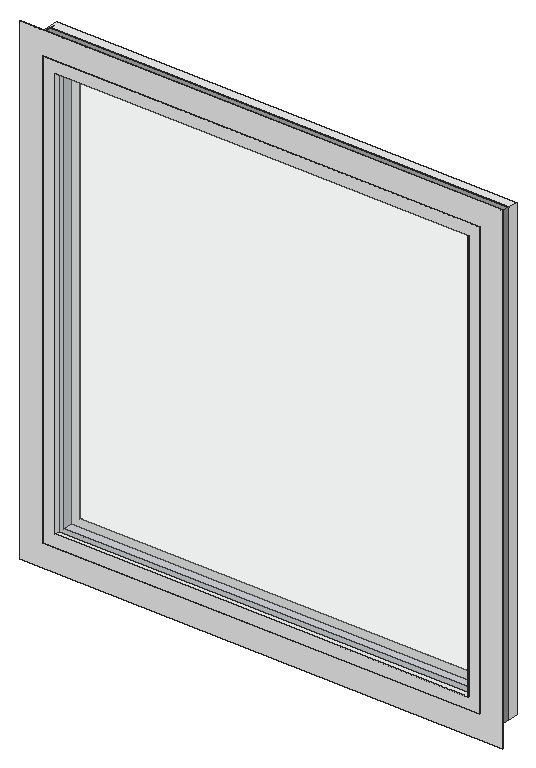
Revit family "Edge_TB42_C_Top_Hung_Custom", category Windows, host Wall, Revit 2014
Parameters (values of type "Casement_Sash_DG")
  Width Sash [instance] = 30 mm
  Width Sash Inner = 15 mm
  Width Bead = 15 mm
  Top Hung [instance] = yes
  Thermal Break Material = Rubber, Black
  Thermal Break Length = 16 mm
  Side Hung Right [instance] = yes
  Side Hung Left [instance] = yes
  Sash Opening Width [instance] = 600 mm
  Sash Opening Height [instance] = 600 mm
  Sash Lip = 15 mm
  Sash Leg [instance] = (Depth Sash - Thermal Break Length) / 2  # 13 mm
  SG Bead Leg = 6.683 mm
  Glazing Material [instance] = Glass
  Glazing Offset = 5 mm
  DG Start Piece 2 [instance] = DG End Piece 1 + DG Gasket Thickness  # 24.158 mm
  DG Start Peice 1 [instance] = ((Depth Sash - (2 * DG Glazing Thickness) - DG Gasket Thickness) / 2) - (SG Bead Leg - Aluminium Thickness) / 2  # 5.758 mm
  DG Glazing Thickness [instance] = 6.4 mm
  DG Gasket Thickness = 12 mm  # constant formula
  DG Gasket Material [instance] = none
  Depth Sash [instance] = 42 mm
  DG End Piece 2 [instance] = DG Start Piece 2 + DG Glazing Thickness  # 30.558 mm
  DG End Piece 1 [instance] = DG Start Peice 1 + DG Glazing Thickness  # 12.158 mm
  Center Vertical Sash [instance] = Sash Opening Height / 2  # 300 mm
  Center Horizontal Sash [instance] = Sash Opening Width / 2  # 300 mm
  Bottom Hung [instance] = yes
  Bead Offset = 15 mm
  Aluminium Thickness = 1 mm
  Aluminium Material [instance] = White Powder Coated Aluminium
Reference planes
  plane 1 "Center (Front/Back)": y = 0
  plane 2: z = 0
  plane 3 "Center (Left/Right)": x = 0
Forms (mm)
  Sweep 1, solid, material "White Powder Coated Aluminium" <- "Aluminium Material"
    path origin (16.177, 0, 121.331) x (1, 0, 0) y (0, 0, 1)
      loop
        line (0, 0) -> (600, 0) -> (600, 600) -> (0, 600) -> (0, 0)
    profile origin (316.177, 0, 121.331) x (0, 0, 1) y (0, -1, 0)
      loop
        line (0, 0) -> (30, 0) -> (30, 1) -> (15, 1) -> (15, 13) -> (14, 13) -> (14, 1) -> (1, 1) -> (1, 13) -> (0, 13) -> (0, 0)
      loop
        line (15, 42) -> (-15, 42) -> (-15, 41) -> (0, 41) -> (0, 29) -> (1, 29) -> (1, 41) -> (14, 41) -> (14, 29) -> (15, 29) -> (15, 42)
  Sweep 2, solid, material "White Powder Coated Aluminium" <- "Aluminium Material"
    path origin (0, 0, 0) x (1, 0, 0) y (0, 0, 1)
      loop
        line (31.177, 706.331) -> (31.177, 136.331) -> (601.177, 136.331) -> (601.177, 706.331) -> (31.177, 706.331)
    profile origin (316.177, 0, 706.331) x (0, 0, 1) y (0, -1, 0)
      loop
        line (0, 41) -> (0, 42) -> (-15, 42) -> (-15, 35.317) -> (-14, 35.317) -> (-14, 41) -> (0, 41)
  Extrusion 3, solid, material "Glass" <- "Glazing Material"
    sketch origin (0, 0, 0) x (1, 0, 0) y (0, 0, 1)
      loop
        line (36.177, 701.331) -> (36.177, 141.331) -> (596.177, 141.331) -> (596.177, 701.331) -> (36.177, 701.331)
    from 5.758 <- "DG Start Peice 1" to 12.158 <- "DG End Piece 1"
  Extrusion 4, solid, material "Glass" <- "Glazing Material"
    sketch origin (0, 0, 0) x (1, 0, 0) y (0, 0, 1)
      loop
        line (36.177, 701.331) -> (36.177, 141.331) -> (596.177, 141.331) -> (596.177, 701.331) -> (36.177, 701.331)
    from 30.558 <- "DG End Piece 2" to 24.158 <- "DG Start Piece 2"
  Sweep 5, solid, material <- "DG Gasket Material"
    path origin (0, -12.158, 0) x (1, 0, 0) y (0, 0, 1)
      loop
        line (36.177, 701.331) -> (36.177, 141.331) -> (596.177, 141.331) -> (596.177, 701.331) -> (36.177, 701.331)
    profile origin (316.177, -12.158, 701.331) x (0, 0, 1) y (0, -1, 0)
      loop
        line (0, 0) -> (0, 12) -> (-7.96, 12) -> (-7.96, 0) -> (0, 0)
  Sweep 6, solid, material "Rubber, Black" <- "Thermal Break Material"
    path origin (16.177, -13, 121.331) x (1, 0, 0) y (0, 0, 1)
      loop
        line (-15, 615) -> (-15, -15) -> (615, -15) -> (615, 615) -> (-15, 615)
    profile origin (316.177, -13, 736.331) x (0, 0, 1) y (0, -1, 0)
      loop
        line (-15, 16) -> (-16, 16) -> (-16, 0) -> (-15, 0) -> (-15, 16)
      loop
        line (-29, 16) -> (-30, 16) -> (-30, 0) -> (-29, 0) -> (-29, 16)
Lines and regions (mm)
  model lines
    curve 1: line (1.177, -42, 736.331) -> (31.177, -42, 706.331)
    curve 2: line (601.177, -42, 706.331) -> (631.177, -42, 736.331)
    curve 3: line (601.177, -42, 136.331) -> (631.177, -42, 106.331)
    curve 4: line (1.177, -42, 106.331) -> (31.177, -42, 136.331)
    curve 5: line (631.177, -41, 736.331) -> (616.177, -41, 721.331)
    curve 6: line (1.177, -41, 736.331) -> (16.177, -41, 721.331)
    curve 7: line (1.177, -41, 106.331) -> (16.177, -41, 121.331)
    curve 8: line (631.177, -41, 106.331) -> (616.177, -41, 121.331)
    curve 9: line (616.177, 0, 121.331) -> (586.177, 0, 151.331)
    curve 10: line (46.177, 0, 151.331) -> (16.177, 0, 121.331)
    curve 11: line (616.177, 0, 721.331) -> (586.177, 0, 691.331)
    curve 12: line (46.177, 0, 691.331) -> (16.177, 0, 721.331)
    curve 13: line (31.177, -42, 691.331) -> (46.177, -42, 691.331)
    curve 14: line (586.177, -42, 691.331) -> (601.177, -42, 691.331)
    curve 15: line (586.177, -42, 151.331) -> (601.177, -42, 151.331)
    curve 16: line (31.177, -42, 151.331) -> (46.177, -42, 151.331)
  model lines, style "GenericModelHiddenLines", visible <- "Top Hung"
    curve 17: line (46.386, -30.558, 690.602) -> (316.177, -30.558, 151.331)
    curve 18: line (316.177, -30.558, 151.331) -> (586.177, -30.558, 691.018)
  model lines, style "GenericModelHiddenLines", visible <- "Bottom Hung"
    curve 19: line (46.177, -30.558, 151.331) -> (316.177, -30.558, 691.018)
    curve 20: line (316.177, -30.558, 691.018) -> (586.177, -30.558, 151.331)
  model lines, style "GenericModelHiddenLines", visible <- "Side Hung Left"
    curve 21: line (46.386, -30.558, 690.602) -> (585.24, -30.558, 421.331)
    curve 22: line (585.24, -30.558, 421.331) -> (46.177, -30.558, 151.331)
  model lines, style "GenericModelHiddenLines", visible <- "Side Hung Right"
    curve 23: line (586.177, -30.558, 691.018) -> (46.177, -30.558, 421.331)
    curve 24: line (46.177, -30.558, 421.331) -> (586.177, -30.558, 151.331)
Dimensions and locks
  "Aluminium Thickness": Sweep 1 sketch curve to Sweep 1 sketch curve  (x6)
  "Depth Sash": Sweep 1 sketch curve to Sweep 1 sketch curve
  "Sash Opening Width": Sweep 1 to Sweep 1
  "Sash Opening Height": Sweep 1 to Sweep 1
  "Width Sash": Sweep 1 sketch curve to Sweep 1 sketch curve  (x2)
  "Width Sash Inner": Sweep 1 sketch curve to Sweep 1 sketch curve
  "Sash Lip": Sweep 1 sketch curve to Sweep 1 sketch curve
  "Glazing Offset": Sweep 2 to Extrusion 3 sketch curve  (x3)
  "Glazing Offset": Extrusion 3 sketch curve to Sweep 2
  Sweep 1 to Sweep 1 = 1 mm
  "Width Bead": Sweep 2 sketch curve to Sweep 2 sketch curve
  locked: Sweep 5 sketch curve to Sweep 5 sketch curve at 7.96
  "Center Horizontal Sash": Sweep 1 to curve 18
  "Center Horizontal Sash": Sweep 1 to curve 20
  "Center Vertical Sash": Sweep 1 to curve 22
  "Center Vertical Sash": Sweep 1 to curve 24
  "Sash Leg": Sweep 1 sketch curve to Sweep 1 sketch curve
  "Aluminium Thickness": Sweep 2 sketch curve to Sweep 2 sketch curve  (x2)
  "SG Bead Leg": Sweep 2 sketch curve to Sweep 2 sketch curve
  aligned and locked: level to plane 2
  aligned and locked: Sweep 1 sketch curve to Sweep 1 sketch curve  (x3)
  aligned and locked: Sweep 2 sketch curve to Sweep 1  (x4)
  aligned and locked: Sweep 1 to Sweep 2 sketch curve  (x2)
  aligned and locked: Extrusion 4 sketch curve to Extrusion 3  (x4)
  aligned and locked: Sweep 5 sketch curve to Extrusion 3  (x5)
  aligned and locked: Extrusion 3 to Sweep 5 sketch curve
  aligned and locked: Sweep 6 sketch curve to Sweep 1  (x10)
  aligned and locked: Sweep 1 to Sweep 6 sketch curve  (x2)
Automatic sketch dimensions
  plane 3 "Center (Left/Right)" to Sweep 1 sketch curve = 16.177 mm
  level to Sweep 1 sketch curve = 121.331 mm
  plane 3 "Center (Left/Right)" to Sweep 1 sketch curve = 616.177 mm
  level to Sweep 1 sketch curve = 721.331 mm
  profile plane to Sweep 5 sketch curve = 12 mm
  curve 7 to Sweep 1 = 0 mm  (x4)
  curve 6 to Sweep 1 = 0 mm  (x3)
  Sweep 1 to curve 6 = 0 mm
  curve 5 to Sweep 1 = 0 mm  (x3)
  curve 8 to Sweep 1 = 0 mm  (x4)
  Sweep 1 to curve 5 = 0 mm
  curve 16 to Sweep 2 = 0 mm  (x3)
  curve 13 to Sweep 2 = 0 mm  (x3)
  curve 15 to Sweep 2 = 0 mm
  Sweep 2 to curve 15 = 0 mm  (x2)
  curve 14 to Sweep 2 = 0 mm  (x2)
  Sweep 2 to curve 14 = 0 mm
  curve 1 to Sweep 1 = 0 mm  (x4)
  curve 4 to Sweep 1 = 0 mm  (x4)
  curve 2 to Sweep 1 = 0 mm  (x4)
  curve 3 to Sweep 1 = 0 mm  (x2)
  Sweep 1 to curve 3 = 0 mm  (x2)
  curve 10 to Sweep 1 = 0 mm  (x4)
  curve 12 to Sweep 1 = 0 mm  (x2)
  Sweep 1 to curve 12 = 0 mm  (x2)
  curve 11 to Sweep 1 = 0 mm  (x4)
  curve 9 to Sweep 1 = 0 mm  (x4)
  profile plane to Sweep 1 sketch curve = 0 mm  (x2)
  Sweep 1 sketch curve to plane 1 "Center (Front/Back)" = 0 mm
  Sweep 1 sketch curve to Sweep 1 sketch curve = 13 mm
  Sweep 1 sketch curve to Sweep 1 sketch curve = 12 mm  (x2)
  curve 21 to Extrusion 4 = 10.208 mm
  curve 19 to Extrusion 4 = 10 mm
  curve 23 to Extrusion 4 = 10 mm  (x2)
  curve 22 to Extrusion 4 = 10.937 mm
  curve 20 to Extrusion 4 = 10 mm
  curve 24 to Extrusion 4 = 10 mm
  curve 22 to Extrusion 4 = 10 mm
  curve 18 to Extrusion 4 = 10 mm
  curve 21 to Extrusion 4 = 10.729 mm
  curve 19 to Extrusion 4 = 10.312 mm
  curve 18 to Extrusion 4 = 10.312 mm
